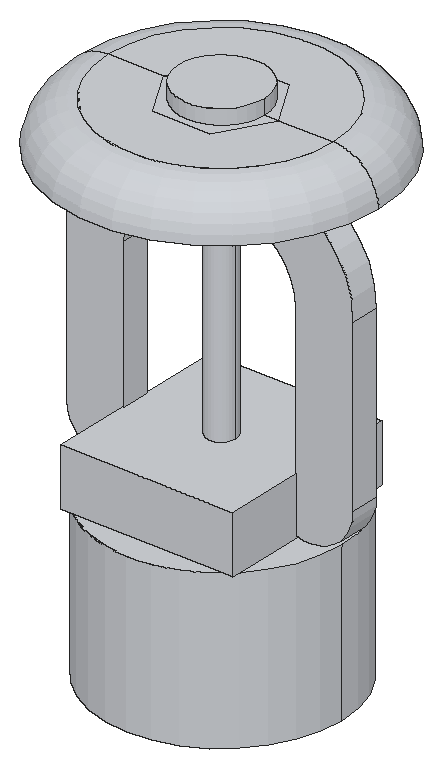
Revit family
Parameters (values of type "RASCO F1FR-300 UPRIGHT")
  Temperature Rating = 286 °F
  Response = 1
  RASCO SIN # = "R3622"
  RASCO Part # = "F1FRU3LC3"
  Pressure Rating = "300 PSI"
  Pressure Class = 1
  Orifice Size = 17/32"
  Orifice = (empty or 0)
  Model = "F1FR-300"
  Manufacturer = "RASCO"
  K-Factor = 8
  Description = "Chrome Finish"
  Coverage = (empty or 0)
Reference planes (in)
  plane 1 "Center (Front/Back)": y = 0
  plane 2: z = 0
  plane 3 "Center (Left/Right)": x = 0
Dimensions and locks (in)
  aligned and locked: plane 2 to level
Nested families (in)
  nested 1: "F1FRU3LC3" at (-0.05847, -0.20861, 0), type "RASCO F1FR-300 UPRIGHT"
Connectors (in)
  piping at (-0.05847, -0.20861, 0)
    settings: on nested 1, index 1, connector radius 1/2", flow factor 0, pipe flow 0 GPM, pressure drop 0.00 psi, fitting loss kfactor 0, connector angle 0.00°, fixture units 0, flow configuration 0, flow direction 0, fitting loss method 0, system type 7, connector reference index -1, connector utility 0, adjustable connector no, is connector primary yes, fitting loss table "", connector description ""
Definition of nested family "F1FRU3LC3"
  Parameters (values of type "RASCO F1FR-300 UPRIGHT")
    Type Comments = ""
    Temperature Rating = 0 °F
    Response = (empty or 0)
    Pressure Rating = "0"
    Pressure Class = (empty or 0)
    Orifice Size = 0"
    Orifice = (empty or 0)
    Model = ""
    Manufacturer = ""
    K-Factor = 0
    Description = ""
    Coverage = (empty or 0)
    Assembly Code = ""
  Reference planes (in)
    plane 1 "Center (Front/Back)": y = 0
    plane 2: z = 0
    plane 3 "ref.2": z = 0.6875
    plane 4 "ref.3": z = 0.9375
    plane 5: x = -0.38065
    plane 6: x = 0.36935
    plane 7 "ref. side 1": y = 0.06402
    plane 8 "ref. side 2": y = -0.06098
    plane 9 "ref.4": z = 1.875
    plane 10 "ref.5": z = 2.3125
    plane 11 "ref.6": z = 2.4375
  Forms (in)
    Extrusion 1, solid
      sketch origin (0, 0, 0) x (1, 0, 0) y (0, 1, 0)
        loop
          circle (0, 0) r 0.5221
      from 0 to 0.6875
    Extrusion 2, solid
      sketch origin (-0.12185, 0.05177, 0.6875) x (1, 0, 0) y (0, 1, 0)
        loop
          line (-0.2588, 0.356) -> (-0.2588, -0.4565) -> (0.4912, -0.4565) -> (0.4912, 0.356) -> (-0.2588, 0.356)
      from 0 to 0.25
    Extrusion 3, solid
      sketch origin (0, 0, 0) x (1, 0, 0) y (0, 0, 1)
        loop
          line (-0.38065, 0.69674) -> (-0.38065, 1.58397)
          arc (-0.38065, 1.58397) -> (-0.29541, 1.78976) -> (-0.08962, 1.875) r 0.29103
          line (-0.08962, 1.875) -> (0.07524, 1.875)
          arc (0.07524, 1.875) -> (0.28321, 1.78886) -> (0.36935, 1.58089) r 0.29411
          line (0.36935, 1.58089) -> (0.36935, 0.69728)
          arc (0.36935, 0.69728) -> (0.54046, 0.72329) -> (0.61935, 0.87734) r 0.18984
          line (0.61935, 0.87734) -> (0.61935, 1.61676)
          arc (0.61935, 1.61676) -> (0.48879, 1.93194) -> (0.17361, 2.0625) r 0.44574
          line (0.17361, 2.0625) -> (-0.18509, 2.0625)
          arc (-0.18509, 2.0625) -> (-0.50015, 1.932) -> (-0.63065, 1.61694) r 0.44556
          line (-0.63065, 1.61694) -> (-0.63065, 0.87876)
          arc (-0.63065, 0.87876) -> (-0.55196, 0.72414) -> (-0.38065, 0.69674) r 0.19126
      from -0.06402 to 0.06098
    Extrusion 4, solid
      sketch origin (0, 0, 0.9375) x (-1, 0, 0) y (0, -1, 0)
        loop
          circle (0.00574, -0.00152) r 0.0625
      from 0 to 0.9375
    Extrusion 5, solid
      sketch origin (0, 0, 1.875) x (-1, 0, 0) y (0, -1, 0)
        loop
          circle (0.00574, -0.00152) r 0.1875
      from 0 to 0.4375
    Revolve 6, solid
      sketch origin (0, 0, -0.2777) x (1, 0, 0) y (0, 0, 1)
        loop
          line (-0.19324, 2.33367) -> (-0.19324, 2.52696) -> (-0.25733, 2.52696) -> (-0.49638, 2.52696)
          arc (-0.49638, 2.52696) -> (-0.63432, 2.47056) -> (-0.69321, 2.33367) r 0.19686
          line (-0.69321, 2.33367) -> (-0.19324, 2.33367)
        axis (-0.00574, 2.33367) -> (-0.00574, 2.52696)
      angle from 0 to 360
  Cuts and joins
    joined: Extrusion 1, Extrusion 2, Extrusion 4, Revolve 6
  Lines and regions (in)
    model lines
      curve 1: line (-0.00574, 0.06402, 1.875) -> (-0.00574, -0.06098, 1.875)
  Dimensions and locks (in)
    Extrusion 3 to Extrusion 3 = 0' - 1 1/4"
    Extrusion 5 to cut or joined group of Extrusion 1, Extrusion 2, Extrusion 4, Revolve 6 = 0' - 2 5/16"
